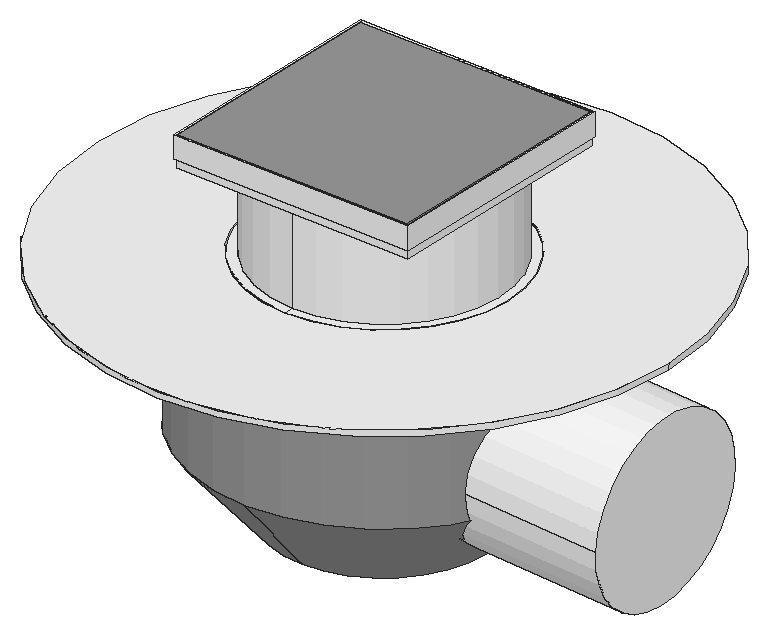
Revit family "HL_RU_Roof drain_HL64BP-B-221103", category Sanitärinstallationen, Revit 2020
Family settings
  Bemaßung runder Anschluss = Durchmesser verwenden
  Teiletyp = Normal
  OmniClass-Nummer = 23.70.50.21.24.14
  OmniClass-Titel = Deck Waste Water Drains
  Arbeitsebenenbasiert = Nein
  Immer vertikal = Ja
  Beim Laden mit Abzugskörper schneiden = Nein
  Gemeinsam genutzt = Nein
  Raumberechnungspunkt = Ja
Parameters (values of type "HL_Кровельная воронка_HL64BP_1")
  РЕШЁТКА = "Edelstahl 137x137mm"
  РАЗМЕР = "DN110"
  ПРОПУСКНАЯ СПОСОБНОСТЬ [instance] = 0.0 L/s
  ПРОИЗВОДИТЕЛЬНОСТЬ = "3,7 l/s"
  ПРАВОВАЯ ИНФОРМАЦИЯ = "Авторские права(©), права на дизайн или какие либо другие права интелектуальной собственности являются исключительной собственностью компании HL Hutterer & Lechner. Изменению не подлежит. Файл семейства с данными о прозводителе изделия защищен паролем с водяным знаком."
  НОМИНАЛЬНЫЙ ДИАМЕТР = 110 mm
  НАСАДКА = "19-65mm/148x148mm"
  МАТЕРИАЛ = "PVC"
  МАКСИМАЛЬНАЯ НАГРУЗКА КЛАССА = "K - 300 kg"
  ВЕС = "1,34 [kg]"
  Vorgabe-Ansicht = 0 mm
  Hersteller = "HL Hutterer & Lechner GmbH"  # constant formula
  URL = "http://www.hutterer-lechner.com/ru/products/catalog/roof-drains/HL64BP/1.aspx"
  Материал плитка [instance] = none
  Lüftungsverbindung = no
  Abwasserrohrverbindung = yes
  HW-Verbindung = no
  KW-Verbindung = no
  Beschreibung = "Кровельные воронки"
  Model = "HL64BP_1"
  Assembly Code = " "
  Typenkommentare = "HL64BP/1 Кровельная воронка DN110 для эксплуатируемой кровли, горизонтальный выпуск, с ПВХ_фланцем,"
  Keynote = "HL64BP_1"
  Bысота монтажа [instance] = 65 mm  # constant formula
  G [instance] = 90.00°  # constant formula
  EAN = "9003076031504"
  D [instance] = if(НОМИНАЛЬНЫЙ ДИАМЕТР = 75 mm, 162.8 mm, 178 mm)  # 178 mm
  C [instance] = if(Bысота монтажа - 68 mm < 0 mm, 0 mm, Bысота монтажа - 68 mm)  # 0 mm
  B [instance] = Bысота монтажа + if(НОМИНАЛЬНЫЙ ДИАМЕТР = 75 mm, 109 mm, 92 mm)  # 157 mm
  A [instance] = if(B - 100 mm > 15 mm, B - 100 mm, 15 mm)  # 57 mm
Types (3, lengths in mm): name | РАЗМЕР | НОМИНАЛЬНЫЙ ДИАМЕТР | ВЕС | URL | Model | Typenkommentare | Keynote | EAN | D | B | A
  (no name) | "DN110" | 110 | "1,34 [kg]" | "http://www.hutterer-lechner.com/ru/products/catalog/roof-drains/HL64BP/1.aspx" | "HL64BP_1" | "HL64BP/1 Кровельная воронка DN110 для эксплуатируемой кровли, горизонтальный выпуск, с ПВХ_фланцем," | "HL64BP_1" | "9003076031504" | 178 | 157 | 57
  HL_Кровельная воронка_HL64BP_1 | "DN110" | 110 | "1,34 [kg]" | "http://www.hutterer-lechner.com/ru/products/catalog/roof-drains/HL64BP/1.aspx" | "HL64BP_1" | "HL64BP/1 Кровельная воронка DN110 для эксплуатируемой кровли, горизонтальный выпуск, с ПВХ_фланцем," | "HL64BP_1" | "9003076031504" | 178 | 157 | 57
  HL_Кровельная воронка_HL64BP_7 | "DN75" | 75 | "1,75 [kg]" | "http://www.hutterer-lechner.com/ru/products/catalog/roof-drains/HL64BP/7.aspx" | "HL64BP_7" | "HL64BP/7 Кровельная воронка DN75 для эксплуатируемой кровли, горизонтальный выпуск, с ПВХ_фланцем," | "HL64BP_7" | "9003076031481" | 162.8 | 174 | 74
Reference planes
  plane 1 "Center (Front/Back)": y = 0
  plane 2: z = 0
  plane 3 "Center (Left/Right)": x = 0
  plane 4: z = -157
  plane 5: z = -65
Lines and regions (mm)
  model lines, style "InvisibleLines"
    curve 1: line (0, 0, 0) -> (0, 0, 20)
  model lines, style "PlumbingFixtures", detail levels coarse+medium
    curve 2: line (0, 0, -157) -> (0, 0, -100)
    curve 3: line (0, 0, -100) -> (-100, 0, 0)
    curve 4: line (0, 0, -100) -> (100, 0, 0)
    curve 6: line (0, 0, -157) -> (178, 0, -157)
  reference lines, not visible
    curve 5: line (0, 0, -157) -> (178, 0, -157)
  symbolic lines, style "PlumbingFixtures", detail levels coarse+medium
    curve 7: line (-75, 75, 0) -> (75, 75, 0)
    curve 8: line (-75, -75, 0) -> (-75, 75, 0)
    curve 9: line (75, -75, 0) -> (-75, -75, 0)
    curve 10: line (75, 75, 0) -> (75, -75, 0)
    curve 11: line (-75, 75, 0) -> (-145.711, 145.711, 0)
    curve 12: line (75, 75, 0) -> (145.711, 145.711, 0)
    curve 13: line (-75, -75, 0) -> (-145.711, -145.711, 0)
    curve 14: line (75, -75, 0) -> (145.711, -145.711, 0)
  symbolic lines, style "PlumbingFixtures", not visible, detail levels coarse+medium
    curve 15: line (-75, 75, 0) -> (75, 75, 0)
    curve 16: line (-75, -75, 0) -> (-75, 75, 0)
    curve 17: line (75, -75, 0) -> (-75, -75, 0)
    curve 18: line (75, 75, 0) -> (75, -75, 0)
    curve 19: line (-75, 75, 0) -> (-145.711, 145.711, 0)
    curve 20: line (75, 75, 0) -> (145.711, 145.711, 0)
    curve 21: line (-75, -75, 0) -> (-145.711, -145.711, 0)
    curve 22: line (75, -75, 0) -> (145.711, -145.711, 0)
Text (mm)
  text "FLOOR" at (-162.344, 0, -10.979), in view "Drain Construction View"
Dimensions and locks
  "B": plane 2 to plane 4
  "Bысота монтажа": plane 2 to plane 5
  "A": curve 4 to plane 4
  "D": curve 5 to curve 5
  "D": curve 6 to curve 6
  locked: plane 5 to nested 2 at 8
  locked: curve 4 to plane 3 "Center (Left/Right)" (angle 45.00°)
  locked: plane 3 "Center (Left/Right)" to curve 3 (angle 45.00°)
  "G": angle curve 5 to plane 3 "Center (Left/Right)"
  aligned and locked: level to plane 2
  aligned and locked: plane 2 to curve 4
  aligned and locked: plane 2 to curve 3
  aligned and locked: plane 4 to curve 5
  aligned and locked: plane 3 "Center (Left/Right)" to curve 5
  aligned and locked: plane 4 to curve 2
  aligned and locked: plane 3 "Center (Left/Right)" to curve 6
  aligned and locked: plane 4 to curve 6
  aligned and locked: plane 2 to nested 1
  aligned and locked: plane 3 "Center (Left/Right)" to nested 1
Automatic sketch dimensions
  curve 2 to plane 3 "Center (Left/Right)" = 0 mm
  curve 1 to plane 3 "Center (Left/Right)" = 0 mm
  curve 1 to level = 0 mm
  level to curve 1 = 20 mm
Nested families
  nested 1: "HL_Насадка_HL66.9S" at (0, 0, 0), Bысота монтажа <- "Bысота монтажа", type "HL_Grate frame_HL66.9S"
    with L 93 mm, IHmin 12 mm, IHmax 65 mm, Bысота монтажа 65 mm
  nested 2: "HL_кровельные воронки - корпус_HL64P" at (0, 0, -73), НОМИНАЛЬНЫЙ ДИАМЕТР <- "НОМИНАЛЬНЫЙ ДИАМЕТР", type "HL_кровельные воронки - корпус_HL64P"
    with НОМИНАЛЬНЫЙ ДИАМЕТР 110 mm, L 178 mm, B 84 mm, A 75 mm
Connectors
  piping at (178, 0, -157), diameter 110, driven by "ПРОПУСКНАЯ СПОСОБНОСТЬ", driven by "НОМИНАЛЬНЫЙ ДИАМЕТР"
    settings: on curve 5, index 1, connector inside diameter 609.6 mm, connector length 0 mm, flow factor 0, pipe flow 0.0 L/s, pressure drop 0.0 Pa, fitting loss kfactor 0, connector angle 0.00°, fixture units 0, engagement length 0 mm, angle of deflection 0.00°, flow configuration 1, flow direction 2, fitting loss method 0, system type 16, joint type 0, gender type 0, connector reference index -1, connector utility 0, adjustable connector yes, is connector primary yes, connector description ""
Definition of nested family "HL_Насадка_HL66.9S"
  Parameters (values of type "HL_Grate frame_HL66.9S")
    РЕШЁТКА = "Edelstahl 138x138mm"
    РАЗМЕР = "d 145 mm"
    ПРАВОВАЯ ИНФОРМАЦИЯ = "Авторские права(©), права на дизайн или какие либо другие права интелектуальной собственности являются исключительной собственностью компании HL Hutterer & Lechner. Изменению не подлежит. Файл семейства с данными о прозводителе изделия защищен паролем с водяным знаком."
    НАСАДКА = "147x147mm"
    МАТЕРИАЛ = "PP"
    МАКСИМАЛЬНАЯ НАГРУЗКА КЛАССА = "K - 300 kg"
    ВЫСОТА МОНТАЖА = "12-65mm"
    Материал плитка = none
    ВЕС = "0,345 [kg]"
    Default Elevation = 0 mm
    L [instance] = if(Bысота монтажа < IHmin, -100 mm, if(Bысота монтажа > IHmax, -100 mm, Bысота монтажа + 28 mm))  # 93 mm
    Manufacturer = "HL Hutterer & Lechner GmbH"
    URL = "http://www.hutterer-lechner.com/ru/products/catalog/roof-drains/HL66.9.aspx"
    Description = "Кровельные воронки"
    Model = "HL66.9"
    Type Comments = "HL66.9, Насадка d 145мм с бороздками/147х147мм/138х138мм"
    Keynote = "HL66.9"
    Bысота монтажа [instance] = 65 mm
    IHmin [instance] = 12 mm
    IHmax [instance] = 65 mm
    EAN = "9003076014606"
    Cost = 0
  Reference planes
    plane 1 "Střed (vpředu/vzadu)": y = 0
    plane 2: z = 0
    plane 3 "Střed (vlevo/vpravo)": x = 0
  Forms (mm)
    Revolve 1, solid, detail levels fine
      sketch origin (0, 0, 128) x (0, 1, 0) y (0, 0, 1)
        loop
          line (72.5, -142) -> (69.248, -142) -> (69.248, -221) -> (72.5, -221) -> (72.5, -142)
        axis (0, -142) -> (0, -221)
      angle from 0 to 360
    Extrusion 2, solid, detail levels fine
      sketch origin (-1.537, 0, -14.6) x (0, 1, 0) y (-1, 0, 0)
        loop
          line (74, 72.459) -> (-74, 72.459) -> (-74, -75.537) -> (74, -75.537) -> (74, 72.459)
        loop
          line (73, 71.463) -> (-73, 71.463) -> (-73, -74.537) -> (73, -74.537) -> (73, 71.463)
      from 0.6 to 14.6
    Extrusion 3, solid, detail levels fine
      sketch origin (-1.537, 0, -14) x (-1, 0, 0) y (0, 1, 0)
        loop
          line (71.463, 73) -> (-74.537, 73) -> (-74.537, -73) -> (71.463, -73) -> (71.463, 73)
        loop
          circle (-1.537, 0) r 72.5
      from 0 to 5
    Extrusion 4, solid, detail levels fine
      sketch origin (-1.537, 0, -14) x (-1, 0, 0) y (0, -1, 0)
        loop
          line (70.95, -72.397) -> (70.95, 72.463) -> (-74.05, 72.463) -> (-74.05, -72.397) -> (70.95, -72.397)
      from 0 to 14
    Revolve 5, solid, detail levels fine
      sketch origin (0, 75.989, -93) x (0, -1, 0) y (0, 0, -1)
        loop
          line (3.489, -20) -> (3.489, 0) -> (0.186, 0) -> (-2.325, -2.511) -> (-2.325, -20) -> (3.489, -20)
        axis (75.989, -20) -> (75.989, 0)
      angle from 0 to 360
  Lines and regions (mm)
    model lines, detail levels fine
      curve 1: line (36.25, 24.325, 0) -> (36.25, -24.42, 0)
      curve 2: line (43.75, -24.42, 0) -> (43.75, 24.325, 0)
      curve 3: line (52.25, 40.306, 0) -> (52.25, -40.355, 0)
      curve 4: line (59.75, -40.355, 0) -> (59.75, 40.306, 0)
      curve 5: line (20.25, 8.588, 0) -> (20.25, -8.684, 0)
      curve 6: line (27.75, -8.684, 0) -> (27.75, 8.588, 0)
      curve 7: arc (27.75, 8.588, 0) -> (24, 12.338, 0) -> (20.25, 8.588, 0) r 3.75
      curve 8: arc (20.25, -8.684, 0) -> (24, -12.434, 0) -> (27.75, -8.684, 0) r 3.75
      curve 9: arc (36.25, -24.42, 0) -> (40, -28.17, 0) -> (43.75, -24.42, 0) r 3.75
      curve 10: arc (43.75, 24.325, 0) -> (40, 28.075, 0) -> (36.25, 24.325, 0) r 3.75
      curve 11: arc (59.75, 40.306, 0) -> (56, 44.056, 0) -> (52.25, 40.306, 0) r 3.75
      curve 12: arc (52.25, -40.355, 0) -> (56, -44.105, 0) -> (59.75, -40.355, 0) r 3.75
      curve 13: line (-24.325, -36.25, 0) -> (24.42, -36.25, 0)
      curve 14: line (24.42, -43.75, 0) -> (-24.325, -43.75, 0)
      curve 15: line (-40.306, -52.25, 0) -> (40.355, -52.25, 0)
      curve 16: line (40.355, -59.75, 0) -> (-40.306, -59.75, 0)
      curve 17: line (-8.588, -20.25, 0) -> (8.684, -20.25, 0)
      curve 18: line (8.684, -27.75, 0) -> (-8.588, -27.75, 0)
      curve 19: arc (-8.588, -27.75, 0) -> (-12.338, -24, 0) -> (-8.588, -20.25, 0) r 3.75
      curve 20: arc (8.684, -20.25, 0) -> (12.434, -24, 0) -> (8.684, -27.75, 0) r 3.75
      curve 21: arc (24.42, -36.25, 0) -> (28.17, -40, 0) -> (24.42, -43.75, 0) r 3.75
      curve 22: arc (-24.325, -43.75, 0) -> (-28.075, -40, 0) -> (-24.325, -36.25, 0) r 3.75
      curve 23: arc (-40.306, -59.75, 0) -> (-44.056, -56, 0) -> (-40.306, -52.25, 0) r 3.75
      curve 24: arc (40.355, -52.25, 0) -> (44.105, -56, 0) -> (40.355, -59.75, 0) r 3.75
      curve 25: line (36.25, -24.42, 0) -> (36.25, 24.325, 0)
      curve 26: line (43.75, 24.325, 0) -> (43.75, -24.42, 0)
      curve 27: line (52.25, -40.355, 0) -> (52.25, 40.306, 0)
      curve 28: line (59.75, 40.306, 0) -> (59.75, -40.355, 0)
      curve 29: line (20.25, -8.684, 0) -> (20.25, 8.588, 0)
      curve 30: line (27.75, 8.588, 0) -> (27.75, -8.684, 0)
      curve 31: arc (27.75, -8.588, 0) -> (24, -12.338, 0) -> (20.25, -8.588, 0) r 3.75
      curve 32: arc (20.25, 8.684, 0) -> (24, 12.434, 0) -> (27.75, 8.684, 0) r 3.75
      curve 33: arc (36.25, 24.42, 0) -> (40, 28.17, 0) -> (43.75, 24.42, 0) r 3.75
      curve 34: arc (43.75, -24.325, 0) -> (40, -28.075, 0) -> (36.25, -24.325, 0) r 3.75
      curve 35: arc (59.75, -40.306, 0) -> (56, -44.056, 0) -> (52.25, -40.306, 0) r 3.75
      curve 36: arc (52.25, 40.355, 0) -> (56, 44.105, 0) -> (59.75, 40.355, 0) r 3.75
      curve 37: line (24.42, -36.25, 0) -> (-24.325, -36.25, 0)
      curve 38: line (-24.325, -43.75, 0) -> (24.42, -43.75, 0)
      curve 39: line (40.355, -52.25, 0) -> (-40.306, -52.25, 0)
      curve 40: line (-40.306, -59.75, 0) -> (40.355, -59.75, 0)
      curve 41: line (8.684, -20.25, 0) -> (-8.588, -20.25, 0)
      curve 42: line (-8.588, -27.75, 0) -> (8.684, -27.75, 0)
      curve 43: arc (8.588, -27.75, 0) -> (12.338, -24, 0) -> (8.588, -20.25, 0) r 3.75
      curve 44: arc (-8.684, -20.25, 0) -> (-12.434, -24, 0) -> (-8.684, -27.75, 0) r 3.75
      curve 45: arc (-24.42, -36.25, 0) -> (-28.17, -40, 0) -> (-24.42, -43.75, 0) r 3.75
      curve 46: arc (24.325, -43.75, 0) -> (28.075, -40, 0) -> (24.325, -36.25, 0) r 3.75
      curve 47: arc (40.306, -59.75, 0) -> (44.056, -56, 0) -> (40.306, -52.25, 0) r 3.75
      curve 48: arc (-40.355, -52.25, 0) -> (-44.105, -56, 0) -> (-40.355, -59.75, 0) r 3.75
      curve 49: line (-36.25, 24.325, 0) -> (-36.25, -24.325, 0)
      curve 50: line (-43.75, -24.325, 0) -> (-43.75, 24.325, 0)
      curve 51: line (-52.25, 40.306, 0) -> (-52.25, -40.306, 0)
      curve 52: line (-59.75, -40.306, 0) -> (-59.75, 40.306, 0)
      curve 53: line (-20.25, 8.588, 0) -> (-20.25, -8.588, 0)
      curve 54: line (-27.75, -8.684, 0) -> (-27.75, 8.588, 0)
      curve 55: arc (-27.75, 8.588, 0) -> (-24, 12.338, 0) -> (-20.25, 8.588, 0) r 3.75
      curve 56: arc (-20.25, -8.684, 0) -> (-24, -12.434, 0) -> (-27.75, -8.684, 0) r 3.75
      curve 57: arc (-43.75, 24.325, 0) -> (-40, 28.075, 0) -> (-36.25, 24.325, 0) r 3.75
      curve 58: arc (-59.75, 40.306, 0) -> (-56, 44.056, 0) -> (-52.25, 40.306, 0) r 3.75
      curve 59: line (-36.25, -24.325, 0) -> (-36.25, 24.325, 0)
      curve 60: line (-43.75, 24.325, 0) -> (-43.75, -24.325, 0)
      curve 61: line (-52.25, -40.306, 0) -> (-52.25, 40.306, 0)
      curve 62: line (-59.75, 40.306, 0) -> (-59.75, -40.306, 0)
      curve 63: line (-20.25, -8.588, 0) -> (-20.25, 8.588, 0)
      curve 64: line (-27.75, 8.588, 0) -> (-27.75, -8.684, 0)
      curve 65: arc (-27.75, -8.588, 0) -> (-24, -12.338, 0) -> (-20.25, -8.588, 0) r 3.75
      curve 66: arc (-20.25, 8.684, 0) -> (-24, 12.434, 0) -> (-27.75, 8.684, 0) r 3.75
      curve 67: arc (-36.25, 24.42, 0) -> (-40, 28.17, 0) -> (-43.75, 24.42, 0) r 3.75
      curve 68: arc (-43.75, -24.325, 0) -> (-40, -28.075, 0) -> (-36.25, -24.325, 0) r 3.75
      curve 69: arc (-59.75, -40.306, 0) -> (-56, -44.056, 0) -> (-52.25, -40.306, 0) r 3.75
      curve 70: arc (-52.25, 40.355, 0) -> (-56, 44.105, 0) -> (-59.75, 40.355, 0) r 3.75
      curve 71: line (-24.42, 36.25, 0) -> (24.325, 36.25, 0)
      curve 72: line (24.42, 43.75, 0) -> (-24.42, 43.75, 0)
      curve 73: line (-40.355, 52.25, 0) -> (40.306, 52.25, 0)
      curve 74: line (40.306, 59.75, 0) -> (-40.355, 59.75, 0)
      curve 75: line (-8.588, 20.25, 0) -> (8.588, 20.25, 0)
      curve 76: line (8.684, 27.75, 0) -> (-8.588, 27.75, 0)
      curve 77: arc (-8.588, 27.75, 0) -> (-12.338, 24, 0) -> (-8.588, 20.25, 0) r 3.75
      curve 78: arc (8.684, 20.25, 0) -> (12.434, 24, 0) -> (8.684, 27.75, 0) r 3.75
      curve 79: arc (24.42, 36.25, 0) -> (28.17, 40, 0) -> (24.42, 43.75, 0) r 3.75
      curve 80: line (24.325, 36.25, 0) -> (-24.42, 36.25, 0)
      curve 81: line (-24.42, 43.75, 0) -> (24.42, 43.75, 0)
      curve 82: line (40.306, 52.25, 0) -> (-40.355, 52.25, 0)
      curve 83: line (-40.355, 59.75, 0) -> (40.306, 59.75, 0)
      curve 84: line (8.588, 20.25, 0) -> (-8.588, 20.25, 0)
      curve 85: line (-8.588, 27.75, 0) -> (8.684, 27.75, 0)
      curve 86: arc (8.588, 27.75, 0) -> (12.338, 24, 0) -> (8.588, 20.25, 0) r 3.75
      curve 87: arc (-8.684, 20.25, 0) -> (-12.434, 24, 0) -> (-8.684, 27.75, 0) r 3.75
      curve 88: arc (-24.42, 36.25, 0) -> (-28.17, 40, 0) -> (-24.42, 43.75, 0) r 3.75
      curve 89: arc (24.325, 43.75, 0) -> (28.075, 40, 0) -> (24.325, 36.25, 0) r 3.75
      curve 90: arc (40.306, 59.75, 0) -> (44.056, 56, 0) -> (40.306, 52.25, 0) r 3.75
      curve 91: arc (-40.355, 52.25, 0) -> (-44.105, 56, 0) -> (-40.355, 59.75, 0) r 3.75
    reference lines
      curve 92: line (0, 75.989, -93) -> (0, -174.011, -93)
  Dimensions and locks
    Extrusion 2 sketch curve to Extrusion 2 sketch curve = 147.996 mm
    Extrusion 2 sketch curve to Extrusion 2 sketch curve = 148 mm
    "L": curve 92 to plane 2
    aligned and locked: level to plane 2
    aligned and locked: Revolve 1 to curve 92
  Automatic sketch dimensions
    plane 1 "Střed (vpředu/vzadu)" to Extrusion 2 sketch curve = 74 mm
    Extrusion 2 sketch curve to Extrusion 2 sketch curve = 1 mm  (x3)
    plane 3 "Střed (vlevo/vpravo)" to Extrusion 2 sketch curve = 74 mm
    Extrusion 2 sketch curve to Extrusion 2 sketch curve = 0.996 mm
    Extrusion 3 sketch curve to Extrusion 2 = 0 mm  (x4)
    Extrusion 3 sketch curve to Extrusion 2 = 73 mm  (x2)
    Extrusion 2 to curve 16 = 13.25 mm
    curve 24 to curve 47 = 3.75 mm
    curve 47 to curve 24 = 0 mm
    curve 48 to curve 23 = 0 mm  (x2)
    curve 23 to curve 38 = 8.5 mm
    curve 24 to curve 12 = 11.895 mm
    curve 12 to curve 35 = 0.048 mm
    curve 15 to curve 69 = 11.944 mm
    curve 22 to curve 45 = 3.75 mm
    curve 21 to curve 46 = 3.75 mm
    curve 46 to curve 21 = 0 mm
    curve 22 to curve 18 = 8.5 mm
    curve 21 to curve 9 = 11.83 mm
    curve 13 to curve 49 = 11.925 mm
    curve 9 to curve 34 = 0.095 mm
    curve 18 to curve 19 = 3.75 mm
    curve 44 to curve 19 = 0 mm  (x2)
    curve 43 to curve 20 = 0 mm
    curve 20 to curve 5 = 11.566 mm
    curve 49 to curve 64 = 15.642 mm
    curve 8 to curve 31 = 0.095 mm
    curve 56 to curve 53 = 0.095 mm
    curve 65 to curve 64 = 17.177 mm
    curve 31 to curve 29 = 17.177 mm
    curve 7 to curve 32 = 0.095 mm
    curve 55 to curve 66 = 0.095 mm
    curve 32 to curve 84 = 11.566 mm
    curve 86 to curve 78 = 3.75 mm
    curve 86 to curve 78 = 0 mm
    curve 77 to curve 87 = 3.75 mm
    curve 87 to curve 77 = 0 mm  (x2)
    curve 66 to curve 60 = 15.642 mm
    curve 32 to curve 26 = 15.642 mm
    curve 10 to curve 33 = 0.095 mm
    curve 57 to curve 67 = 0.095 mm
    curve 33 to curve 71 = 11.83 mm
    curve 89 to curve 89 = 3.75 mm
    curve 88 to curve 88 = 3.75 mm
    curve 89 to curve 79 = 0 mm
    curve 33 to curve 11 = 15.886 mm
    curve 67 to curve 51 = 15.886 mm
    curve 58 to curve 70 = 0.048 mm
    curve 11 to curve 36 = 0.048 mm
    curve 70 to curve 73 = 11.895 mm
    curve 90 to curve 90 = 3.75 mm
    Extrusion 2 to curve 28 = 13.25 mm
    curve 4 to curve 11 = 3.75 mm
    curve 35 to curve 12 = 0 mm
    curve 36 to curve 11 = 0 mm
    curve 3 to curve 2 = 8.5 mm
    curve 3 to curve 39 = 11.895 mm
    curve 11 to curve 83 = 11.944 mm
    curve 24 to curve 47 = 0.048 mm
    curve 26 to curve 9 = 3.75 mm
    curve 33 to curve 10 = 0 mm
    curve 34 to curve 9 = 0 mm
    curve 34 to curve 30 = 8.5 mm
    curve 90 to curve 72 = 15.886 mm
    curve 1 to curve 21 = 11.83 mm
    curve 79 to curve 80 = 0.095 mm
    curve 21 to curve 46 = 0.095 mm
    curve 6 to curve 32 = 3.75 mm
    curve 6 to curve 8 = 3.75 mm
    curve 31 to curve 8 = 0 mm
    curve 29 to curve 17 = 11.566 mm
    curve 7 to curve 78 = 11.566 mm
    curve 78 to curve 86 = 0.095 mm
    curve 20 to curve 43 = 0.095 mm
    curve 43 to curve 41 = 17.177 mm
    curve 86 to curve 77 = 17.177 mm
    curve 19 to curve 44 = 0.095 mm
    curve 77 to curve 87 = 0.095 mm
    curve 87 to curve 53 = 11.566 mm
    curve 53 to curve 66 = 3.75 mm
    curve 55 to curve 66 = 0 mm
    curve 56 to curve 54 = 3.75 mm
    curve 65 to curve 56 = 0 mm
    curve 44 to curve 14 = 15.642 mm
    curve 22 to curve 45 = 0.095 mm
    curve 87 to curve 72 = 15.736 mm
    curve 45 to curve 59 = 11.83 mm
    curve 57 to curve 67 = 3.75 mm
    curve 68 to curve 68 = 3.75 mm
    curve 45 to curve 15 = 15.886 mm
    curve 23 to curve 48 = 0.048 mm
    curve 72 to curve 74 = 15.935 mm
    curve 91 to curve 51 = 11.895 mm
    curve 51 to curve 70 = 3.75 mm
    curve 51 to curve 69 = 3.75 mm
    curve 45 to curve 22 = 0 mm
    curve 36 to curve 28 = 0 mm
    curve 33 to curve 2 = 0 mm
    curve 32 to curve 30 = 0 mm
    curve 66 to curve 55 = 0 mm
    curve 67 to curve 57 = 0 mm
    curve 70 to curve 51 = 0 mm
    Extrusion 4 sketch curve to Extrusion 3 = 0.487 mm
    Extrusion 4 sketch curve to Extrusion 3 = 0.513 mm
    Extrusion 4 sketch curve to Extrusion 3 = 0.603 mm
    Extrusion 4 sketch curve to Extrusion 3 = 0.537 mm
    Revolve 1 sketch curve to plane 1 "Střed (vpředu/vzadu)" = 0 mm
    Revolve 1 sketch curve to level = 14 mm
    Revolve 1 sketch curve to plane 1 "Střed (vpředu/vzadu)" = 69.248 mm
    Revolve 1 sketch curve to Revolve 1 sketch curve = 3.252 mm
    Revolve 1 sketch curve to Revolve 1 sketch curve = 79 mm
    Revolve 1 sketch curve to Revolve 1 sketch curve = 17.5 mm
    level to Revolve 1 sketch curve = 144.5 mm
    Revolve 5 sketch curve to curve 92 = 0 mm
    Revolve 5 sketch curve to curve 92 = 2.325 mm
    curve 92 to Revolve 5 sketch curve = 0.186 mm
    curve 92 to Revolve 5 sketch curve = 3.489 mm
    Revolve 5 sketch curve to curve 92 = 2.511 mm
    Revolve 5 sketch curve to curve 92 = 20 mm
    curve 92 to Revolve 5 sketch curve = 75.989 mm
    Revolve 5 sketch curve to curve 92 = 393 mm
    curve 92 to Revolve 5 sketch curve = 207 mm
    plane 1 "Střed (vpředu/vzadu)" to curve 92 = 174.011 mm
    curve 92 to plane 1 "Střed (vpředu/vzadu)" = 75.989 mm
    radius of Extrusion 3 sketch curve = 72.5 mm
Definition of nested family "HL_кровельные воронки - корпус_HL64P"
  Parameters (values of type "HL_кровельные воронки - корпус_HL64P")
    НОМИНАЛЬНЫЙ ДИАМЕТР [instance] = 110 mm
    Default Elevation = 0 mm
    Manufacturer = ""
    URL = ""
    Description = ""
    Model = ""
    L [instance] = if(НОМИНАЛЬНЫЙ ДИАМЕТР = 75 mm, 164 mm, 178 mm)  # 178 mm
    Type Comments = ""
    Cost = 0
    B [instance] = if(НОМИНАЛЬНЫЙ ДИАМЕТР = 75 mm, 101.3 mm, 84 mm)  # 84 mm
    A [instance] = if(НОМИНАЛЬНЫЙ ДИАМЕТР = 75 mm, 92.3 mm, 75 mm)  # 75 mm
  Reference planes
    plane 1 "Střed (vpředu/vzadu)": y = 0
    plane 2: z = 0
    plane 3 "Střed (vlevo/vpravo)": x = 0
  Forms (mm)
    Extrusion 1, solid, detail levels fine
      sketch origin (0, 0, 0) x (1, 0, 0) y (0, 1, 0)
        loop
          circle (0, 0) r 180
        loop
          circle (0, 0) r 78.913
      from 0 to -3.5
    Extrusion 2, solid, detail levels fine
      sketch origin (0, 0, -3.5) x (0, 1, 0) y (1, 0, 0)
        loop
          circle (0, 0) r 140
      from 0 to 18
    Extrusion 3, solid, detail levels fine
      sketch origin (0, 0, -21.5) x (-1, 0, 0) y (0, 1, 0)
        loop
          circle (0, 0) r 110
      from 0 to 73.906
    Blend 4, solid, detail levels fine
      base sketch origin (0, 0, -95.406) x (0, -1, 0) y (1, 0, 0)
        loop
          circle (0, 0) r 110
      top sketch origin (0, 0, -95.406) x (0, -1, 0) y (1, 0, 0)
        loop
          circle (0, 0) r 65
      from 0 to -53
    Revolve 5, void
      sketch origin (0, 0, 0) x (1, 0, 0) y (0, 0, 1)
        loop
          line (-78.913, 0) -> (-78.913, -16.281) -> (-74.694, -23.588) -> (-74.694, -24.914) -> (-75.511, -24.914) -> (-75.511, -30.304) -> (-64.679, -30.304) -> (-64.679, -32.804) -> (0, -32.804) -> (0, 0) -> (-78.913, 0)
        axis (0, 0) -> (0, -32.804)
      angle from 0 to 360
    Extrusion 6, solid, detail levels fine
      sketch origin (178.231, 0, -84) x (0, -1, 0) y (-0.050432, 0, -0.998727)
        loop
          circle (0, 0.078) r 55
      from -0.458 to -104.708
  Cuts and joins
    Revolve 5 cuts Extrusion 1
    Revolve 5 cuts Extrusion 2
    Revolve 5 cuts Extrusion 3
  Lines and regions (mm)
    reference lines
      curve 1: line (0, 0, -75) -> (178.231, 0, -84)
  Dimensions and locks
    "B": plane 2 to curve 1
    "L": Extrusion 6 to curve 1
    "A": plane 2 to curve 1
    "НОМИНАЛЬНЫЙ ДИАМЕТР": diameter of Extrusion 6 sketch curve
    aligned and locked: level to plane 2
  Automatic sketch dimensions
    Extrusion 1 sketch curve to Extrusion 1 sketch curve = 0 mm  (x2)
    plane 1 "Střed (vpředu/vzadu)" to Extrusion 1 sketch curve = 0 mm
    Extrusion 1 sketch curve to plane 3 "Střed (vlevo/vpravo)" = 0 mm
    Revolve 5 sketch curve to level = 0 mm
    Revolve 5 sketch curve to plane 3 "Střed (vlevo/vpravo)" = 0 mm  (x2)
    Revolve 5 sketch curve to level = 30.304 mm
    Revolve 5 sketch curve to plane 3 "Střed (vlevo/vpravo)" = 64.679 mm
    Revolve 5 sketch curve to level = 23.588 mm
    Revolve 5 sketch curve to Revolve 5 sketch curve = 10.016 mm
    Revolve 5 sketch curve to Revolve 5 sketch curve = 0.817 mm
    Revolve 5 sketch curve to Revolve 5 sketch curve = 4.218 mm
    Revolve 5 sketch curve to Revolve 5 sketch curve = 32.804 mm
    Revolve 5 sketch curve to Revolve 5 sketch curve = 1.326 mm
    Revolve 5 sketch curve to Revolve 5 sketch curve = 7.307 mm
    level to Revolve 5 sketch curve = 25 mm
    Revolve 5 sketch curve to Revolve 5 sketch curve = 50 mm
    curve 1 to plane 3 "Střed (vlevo/vpravo)" = 0 mm
    plane 3 "Střed (vlevo/vpravo)" to curve 1 = 178.231 mm
    Extrusion 6 sketch curve to plane 1 "Střed (vpředu/vzadu)" = 0 mm
    radius of Extrusion 1 sketch curve = 180 mm
    radius of Extrusion 1 sketch curve = 78.913 mm
    radius of Extrusion 2 sketch curve to Extrusion 1 = 40 mm
    radius of Extrusion 3 sketch curve to Extrusion 2 = 30 mm
    radius of Blend 4 sketch curve to Extrusion 3 = 0 mm
    radius of Blend 4 sketch curve to Extrusion 3 = 45 mm
